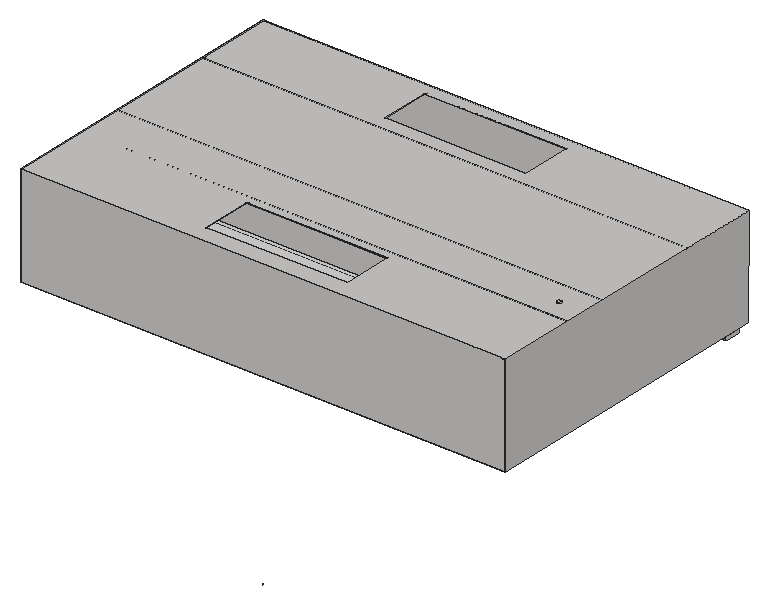
Revit family "QF_ELECTROLUXPROFESSIONAL_641260_STPF1524", category Specialty Equipment, Revit 2014
Reference planes
  plane 1: z = 0
  plane 2 "Center (Left/Right)": x = 150
  plane 3 "LEFT": x = -1050
  plane 4 "RIGHT": x = 1350
  plane 5 "BACK": y = 550
  plane 6 "TOP": z = 2500
  plane 7 "Base": z = 2000
  plane 8: z = 1955
  plane 9 "DrainY": y = 490
  plane 10: x = -1047
  plane 11 "DrainX": x = 1230
  plane 12 "AOLeft2": x = 500
  plane 13: x = 1347
  plane 14: x = -850
  plane 15: x = 1150
  plane 16 "Center (Front/Back)": y = -100
  plane 17 "Front": y = -950
  plane 18 "AOLeft1": x = -200
  plane 19: y = -864
  plane 20: y = -614
  plane 21: y = 240
  plane 22: y = 490
  plane 23 "EI_y": y = -470
  plane 24 "EIx": x = 1230
Forms (mm)
  Extrusion 1, solid, material "QF_Finishes_Stainless Steel"
    sketch origin (-1050, 0, 360) x (0, 1, 0) y (0, 0, 1)
      loop
        line (550, 1640) -> (550, 2140) -> (-950, 2140) -> (-950, 1640) -> (550, 1640)
    from 0 to 3
  Extrusion 2, solid, material "QF_Finishes_Stainless Steel"
    sketch origin (1350, 0, 360) x (0, 1, 0) y (0, 0, 1)
      loop
        line (550, 1640) -> (550, 2140) -> (-950, 2140) -> (-950, 1640) -> (550, 1640)
    from 0 to -3
  Extrusion 3, solid, material "QF_Finishes_Stainless Steel"
    sketch origin (150, 0, 360) x (0, 1, 0) y (0, 0, 1)
      loop
        line (-950, 2140) -> (-950, 1640) -> (-940, 1640) -> (-940, 1640.8) -> (-949.2, 1640.8) -> (-949.2, 2139.19) -> (549.2, 2139.19) -> (549.2, 1640.8) -> (540, 1640.8) -> (540, 1640) -> (550, 1640) -> (550, 2140) -> (-950, 2140)
    from -1200 to 1200
  Extrusion 4, solid, material "QF_Finishes_Stainless Steel"
    sketch origin (0, 0, 2000) x (0, 1, 0) y (-1, 0, 0)
      loop
        circle (490, -1230) r 4.763
    from -30 to 0
  Extrusion 5, void
    sketch origin (0, 0, 2500) x (0, 1, 0) y (-1, 0, 0)
      loop
        line (-614, -500) -> (-614, 200) -> (-864, 200) -> (-864, -500) -> (-614, -500)
    from 0 to -10
  Extrusion 6, solid, material "QF_Finishes_Stainless Steel"
    sketch origin (0, 0, 0) x (1, 0, 0) y (0, 1, 0)
      loop
        line (-1050, 550) -> (-1050, 549) -> (-1049, 549) -> (-1049, 550) -> (-1050, 550)
    from 0 to 1
  Extrusion 7, solid, material "QF_LAMPS"
    sketch origin (150, 0, 360) x (0, 1, 0) y (0, 0, 1)
      loop
        line (-572.823, 1962.324) -> (-418.948, 2086.929) -> (-427.129, 2097.032) -> (-581.003, 1972.426) -> (-572.823, 1962.324)
    from 1197 to -1197
  Sweep 8, solid, material "QF_Finishes_Stainless Steel"
    path origin (0, 0, 0) x (1, 0, 0) y (0, 1, 0)
      loop
        line (1350, 550) -> (-1050, 550) -> (-1050, -950) -> (1350, -950) -> (1350, 550)
    profile origin (1350, -200, 0) x (1, 0, 0) y (0, 0, 1)
      loop
        line (-3, 2000) -> (-3, 2000.8) -> (-19, 2000.8) -> (-19, 2010) -> (-20, 2010) -> (-20, 2000) -> (-3, 2000)
  Extrusion 9, solid, material "QF_Finishes_Stainless Steel"
    sketch origin (150, 0, 0) x (0, 1, 0) y (0, 0, 1)
      loop
        line (414.66, 2095.469) -> (440.643, 2110.471) -> (261.744, 2411.771) -> (235.948, 2396.455) -> (414.66, 2095.469)
    from -1197 to -1000
  Extrusion 10, solid, material "QF_Finishes_Stainless Steel"
    sketch origin (1230, 0, 0) x (0, 1, 0) y (0, 0, 1)
      loop
        line (539, 2000) -> (441, 2000) -> (441, 1989) -> (448.5, 1989) -> (448.5, 1965)
        arc (448.5, 1965) -> (451.429, 1957.929) -> (458.5, 1955) r 10
        line (458.5, 1955) -> (521.5, 1955)
        arc (521.5, 1955) -> (528.571, 1957.929) -> (531.5, 1965) r 10
        line (531.5, 1965) -> (531.5, 1989) -> (539, 1989) -> (539, 2000)
    from 90 to -90
  Extrusion 11, solid, material "QF_Finishes_Stainless Steel"
    sketch origin (150, 0, 0) x (0, 1, 0) y (0, 0, 1)
      loop
        line (414.66, 2095.469) -> (440.643, 2110.471) -> (261.744, 2411.771) -> (235.948, 2396.455) -> (414.66, 2095.469)
    from 1000 to 1197
  Extrusion 12, solid, material "QF_Finished_Chrome"
    sketch origin (150, 0, 0) x (0, 1, 0) y (0, 0, 1)
      loop
        line (414.66, 2095.469) -> (440.643, 2110.471) -> (261.744, 2411.771) -> (235.948, 2396.455) -> (414.66, 2095.469)
    from -1000 to 1000
  Extrusion 13, void
    sketch origin (0, 1180, 2500) x (0, 1, 0) y (-1, 0, 0)
      loop
        line (-690, -500) -> (-690, 200) -> (-940, 200) -> (-940, -500) -> (-690, -500)
    from 0 to -10
  Extrusion 14, solid, material "QF_Finishes_Stainless Steel"
    sketch origin (0, 0, 2500) x (0, 1, 0) y (-1, 0, 0)
      loop
        circle (-470, -1230) r 10
    from 0 to 1.6
  Extrusion 15, solid, material "QF_Finishes_Stainless Steel"
    sketch origin (150, 0, 360) x (0, 1, 0) y (0, 0, 1)
      loop
        line (430.005, 1640) -> (540, 1640) -> (540, 1640.8) -> (430.467, 1640.8) -> (371.906, 1742.23) -> (414.858, 1734.657) -> (442.266, 1750.481) -> (442.266, 1765.943) -> (441.466, 1765.943) -> (441.466, 1750.943) -> (414.709, 1735.495) -> (321.153, 1751.991) -> (320.875, 1750.416) -> (371.4, 1741.507) -> (430.005, 1640)
      loop
        line (172.529, 2139.19) -> (242.893, 2017.316) -> (245.133, 2018.715) -> (240.13, 2027.381) -> (238.569, 2026.405) -> (173.453, 2139.19) -> (172.529, 2139.19)
    from -1197 to 1197
  Extrusion 16, solid, material "QF_Finishes_Stainless Steel"
    sketch origin (150, 200.8, 360) x (0, 1, 0) y (0, 0, 1)
      loop
        line (-1150, 2139.19) -> (-1150, 1640) -> (-1086.602, 1640) -> (-999.146, 1690.493) -> (-1010.058, 1709.394) -> (-1066.564, 1676.77) -> (-1114.704, 1680.982) -> (-1149.2, 1730.248) -> (-1149.2, 2139.19) -> (-1150, 2139.19)
      loop
        line (-773.6, 1961.694) -> (-781.937, 1971.99) -> (-769.095, 1982.182) -> (-769.095, 2139.19) -> (-769.895, 2139.19) -> (-769.895, 1982.569) -> (-1082.298, 1734.63) -> (-1071.091, 1720.79) -> (-773.6, 1961.694)
      loop
        line (-627.61, 2099.216) -> (-618.171, 2087.559) -> (-554.411, 2139.19) -> (-555.682, 2139.19) -> (-618.052, 2088.684) -> (-626.989, 2099.719) -> (-627.61, 2099.216)
    from -1197 to 1197
  Extrusion 17, solid, material "QF_Finishes_Stainless Steel"
    sketch origin (0, 0, 2500) x (0, 1, 0) y (-1, 0, 0)
      loop
        circle (-470, -1230) r 10
    from 0 to 1.6
Cuts and joins
  Extrusion 5, Extrusion 13 cuts Extrusion 3
  joined: Extrusion 2, Extrusion 3, Sweep 8
Lines and regions (mm)
  symbolic lines, style "SpecialityEquipment", detail levels coarse
    curve 1: line (1350, 550, 2500) -> (-1050, 550, 2500)
    curve 2: line (-1050, 550, 2500) -> (-1050, -950, 2500)
    curve 3: line (1350, -950, 2500) -> (1350, 550, 2500)
    curve 4: line (-1050, 550, 0) -> (1350, -950, 0)
    curve 5: line (1350, 550, 0) -> (-1050, -950, 0)
    curve 6: line (-1050, -950, 0) -> (1350, -950, 0)
  symbolic lines, detail levels coarse
    curve 7: line (-200, 240, 2500) -> (500, 240, 2500)
    curve 8: line (-200, 490, 2500) -> (-200, 240, 2500)
    curve 9: line (500, 490, 2500) -> (-200, 490, 2500)
    curve 10: line (500, 240, 2500) -> (500, 490, 2500)
    curve 11: line (-200, -614, 2500) -> (500, -614, 2500)
    curve 12: line (-200, -864, 2500) -> (-200, -614, 2500)
    curve 13: line (500, -864, 2500) -> (-200, -864, 2500)
    curve 14: line (500, -614, 2500) -> (500, -864, 2500)
Dimensions and locks
  plane 3 "LEFT" to plane 4 "RIGHT" = 2400 mm
  equal spacing: plane 3 "LEFT", plane 2 "Center (Left/Right)", plane 4 "RIGHT"
  plane 7 "Base" to plane 8 = 45 mm
  plane 5 "BACK" to plane 9 "DrainY" = 60 mm  (x2)
  plane 3 "LEFT" to plane 10 = 3 mm
  plane 11 "DrainX" to plane 4 "RIGHT" = 120 mm
  plane 13 to plane 4 "RIGHT" = 3 mm
  plane 3 "LEFT" to plane 14 = 200 mm
  plane 15 to plane 4 "RIGHT" = 200 mm
  locked: plane 7 "Base" to level at 2000
  locked: plane 6 "TOP" to plane 7 "Base" at 500
  locked: plane 18 "AOLeft1" to plane 12 "AOLeft2" at 700
  locked: plane 20 to plane 19 at 250
  locked: plane 19 to plane 17 "Front" at 86
  locked: plane 22 to plane 21 at 250
  locked: plane 5 "BACK" to plane 22 at 60
  locked: plane 23 "EI_y" to plane 17 "Front" at 480
  locked: plane 24 "EIx" to plane 4 "RIGHT" at 120
  locked: plane 5 "BACK" to plane 17 "Front" at 1500
  plane 5 "BACK" to plane 17 "Front" = 1500 mm
  equal spacing: plane 18 "AOLeft1", plane 2 "Center (Left/Right)", plane 12 "AOLeft2"
  aligned and locked: level to plane 1
  aligned and locked: plane 4 "RIGHT" to Extrusion 3
  aligned and locked: Extrusion 3 to plane 3 "LEFT"
  aligned and locked: Extrusion 2 to plane 13
  aligned and locked: Extrusion 9 to plane 10
  aligned and locked: Extrusion 5 to plane 18 "AOLeft1"
  aligned and locked: Extrusion 5 to plane 12 "AOLeft2"
  aligned and locked: plane 14 to Extrusion 9
  aligned and locked: plane 15 to Extrusion 11
  aligned and locked: plane 13 to Extrusion 11
  aligned and locked: Extrusion 12 to plane 14
  aligned and locked: Extrusion 12 to plane 15
  aligned and locked: plane 13 to Extrusion 7
  aligned and locked: Extrusion 7 to plane 10
  aligned and locked: Extrusion 13 to plane 21
  aligned and locked: plane 22 to Extrusion 13
  aligned and locked: Extrusion 13 to plane 18 "AOLeft1"
  aligned and locked: Extrusion 13 to plane 12 "AOLeft2"
  aligned and locked: Extrusion 15 to plane 10
  aligned and locked: plane 13 to Extrusion 15
  aligned and locked: Extrusion 5 to plane 19
  aligned and locked: plane 20 to Extrusion 5
  aligned and locked: Extrusion 16 to plane 10
  aligned and locked: plane 13 to Extrusion 16
Automatic sketch dimensions
  curve 6 to plane 3 "LEFT" = 0 mm
  curve 4 to plane 3 "LEFT" = 0 mm
  curve 5 to plane 4 "RIGHT" = 0 mm
  curve 6 to plane 4 "RIGHT" = 0 mm
  curve 4 to plane 17 "Front" = 0 mm
  curve 5 to plane 5 "BACK" = 0 mm
  curve 4 to plane 5 "BACK" = 0 mm
  Extrusion 1 sketch curve to plane 7 "Base" = 0 mm
  Extrusion 1 sketch curve to plane 17 "Front" = 0 mm
  Extrusion 1 sketch curve to plane 5 "BACK" = 0 mm
  Extrusion 1 sketch curve to plane 6 "TOP" = 0 mm
  Extrusion 2 sketch curve to plane 7 "Base" = 0 mm
  Extrusion 2 sketch curve to plane 17 "Front" = 0 mm
  Extrusion 2 sketch curve to plane 5 "BACK" = 0 mm
  Extrusion 2 sketch curve to plane 6 "TOP" = 0 mm
  Extrusion 3 sketch curve to plane 6 "TOP" = 0 mm
  Extrusion 3 sketch curve to plane 17 "Front" = 0 mm
  Extrusion 3 sketch curve to plane 7 "Base" = 0 mm  (x2)
  Extrusion 3 sketch curve to plane 5 "BACK" = 0 mm
  plane 17 "Front" to Extrusion 3 sketch curve = 0.8 mm
  Extrusion 3 sketch curve to Extrusion 3 sketch curve = 9.2 mm
  plane 7 "Base" to Extrusion 3 sketch curve = 0.8 mm  (x2)
  Extrusion 3 sketch curve to plane 5 "BACK" = 10 mm
  Extrusion 3 sketch curve to plane 5 "BACK" = 0.8 mm
  Extrusion 3 sketch curve to plane 6 "TOP" = 0.81 mm
  Extrusion 4 sketch curve to plane 9 "DrainY" = 0 mm
  Extrusion 4 sketch curve to plane 11 "DrainX" = 0 mm
  Extrusion 5 sketch curve to plane 12 "AOLeft2" = 0 mm
  Extrusion 5 sketch curve to plane 19 = 0 mm
  Extrusion 5 sketch curve to plane 20 = 0 mm
  Extrusion 5 sketch curve to plane 18 "AOLeft1" = 0 mm
  Extrusion 6 sketch curve to plane 3 "LEFT" = 0 mm
  Extrusion 6 sketch curve to plane 5 "BACK" = 0 mm
  plane 3 "LEFT" to Extrusion 6 sketch curve = 1 mm
  Extrusion 6 sketch curve to Extrusion 6 sketch curve = 1 mm
  plane 20 to Extrusion 7 sketch curve = 32.997 mm
  Extrusion 7 sketch curve to Extrusion 7 sketch curve = 8.181 mm  (x2)
  plane 23 "EI_y" to Extrusion 7 sketch curve = 42.871 mm
  Extrusion 7 sketch curve to plane 6 "TOP" = 177.676 mm
  Extrusion 7 sketch curve to Extrusion 7 sketch curve = 10.102 mm
  Extrusion 7 sketch curve to plane 6 "TOP" = 53.071 mm
  Extrusion 7 sketch curve to Extrusion 7 sketch curve = 10.103 mm
  Sweep 8 sketch curve to plane 3 "LEFT" = 0 mm
  Sweep 8 sketch curve to plane 4 "RIGHT" = 0 mm
  Sweep 8 sketch curve to plane 17 "Front" = 0 mm
  Sweep 8 sketch curve to plane 5 "BACK" = 0 mm
  profile plane to Sweep 8 sketch curve = 20 mm
  Sweep 8 sketch curve to Sweep 8 sketch curve = 1 mm
  profile plane to Sweep 8 sketch curve = 3 mm
  level to Sweep 8 sketch curve = 2000 mm
  Sweep 8 sketch curve to Sweep 8 sketch curve = 0.8 mm
  Sweep 8 sketch curve to Sweep 8 sketch curve = 9.2 mm
  Extrusion 9 sketch curve to plane 21 = 4.052 mm
  plane 21 to Extrusion 9 sketch curve = 21.744 mm
  Extrusion 9 sketch curve to plane 9 "DrainY" = 75.34 mm
  Extrusion 9 sketch curve to Extrusion 9 sketch curve = 25.983 mm
  plane 7 "Base" to Extrusion 9 sketch curve = 95.469 mm
  Extrusion 9 sketch curve to Extrusion 9 sketch curve = 15.001 mm
  Extrusion 9 sketch curve to plane 6 "TOP" = 103.545 mm
  Extrusion 9 sketch curve to Extrusion 9 sketch curve = 15.316 mm
  Extrusion 10 sketch curve to plane 8 = 0 mm
  Extrusion 10 sketch curve to plane 7 "Base" = 11 mm  (x2)
  Extrusion 10 sketch curve to plane 9 "DrainY" = 49 mm
  Extrusion 10 sketch curve to Extrusion 10 sketch curve = 7.5 mm  (x2)
  Extrusion 10 sketch curve to Extrusion 10 sketch curve = 10 mm
  Extrusion 10 sketch curve to plane 5 "BACK" = 28.5 mm
  Extrusion 10 sketch curve to plane 5 "BACK" = 18.5 mm
  plane 7 "Base" to Extrusion 10 sketch curve = 0 mm
  Extrusion 11 sketch curve to plane 21 = 4.052 mm
  plane 21 to Extrusion 11 sketch curve = 21.744 mm
  Extrusion 11 sketch curve to plane 9 "DrainY" = 75.34 mm
  Extrusion 11 sketch curve to Extrusion 11 sketch curve = 25.983 mm
  plane 7 "Base" to Extrusion 11 sketch curve = 95.469 mm
  Extrusion 11 sketch curve to Extrusion 11 sketch curve = 15.001 mm
  Extrusion 11 sketch curve to plane 6 "TOP" = 103.545 mm
  Extrusion 11 sketch curve to Extrusion 11 sketch curve = 15.316 mm
  Extrusion 12 sketch curve to plane 21 = 4.052 mm
  plane 21 to Extrusion 12 sketch curve = 21.744 mm
  Extrusion 12 sketch curve to plane 9 "DrainY" = 75.34 mm
  Extrusion 12 sketch curve to Extrusion 12 sketch curve = 25.983 mm
  plane 7 "Base" to Extrusion 12 sketch curve = 95.469 mm
  Extrusion 12 sketch curve to Extrusion 12 sketch curve = 15.001 mm
  Extrusion 12 sketch curve to plane 6 "TOP" = 103.545 mm
  Extrusion 12 sketch curve to Extrusion 12 sketch curve = 15.316 mm
  Extrusion 13 sketch curve to plane 12 "AOLeft2" = 0 mm
  Extrusion 13 sketch curve to plane 21 = 0 mm
  Extrusion 13 sketch curve to plane 9 "DrainY" = 0 mm
  Extrusion 13 sketch curve to plane 18 "AOLeft1" = 0 mm
  Extrusion 14 sketch curve to plane 23 "EI_y" = 0 mm
  Extrusion 14 sketch curve to plane 24 "EIx" = 0 mm
  Extrusion 15 sketch curve to plane 7 "Base" = 0 mm
  Extrusion 15 sketch curve to plane 6 "TOP" = 0.81 mm
  Extrusion 15 sketch curve to plane 21 = 67.471 mm
  Extrusion 15 sketch curve to Extrusion 15 sketch curve = 0.924 mm
  Extrusion 15 sketch curve to plane 21 = 1.431 mm
  plane 21 to Extrusion 15 sketch curve = 0.13 mm
  plane 21 to Extrusion 15 sketch curve = 2.893 mm
  Extrusion 15 sketch curve to Extrusion 15 sketch curve = 2.24 mm
  plane 21 to Extrusion 15 sketch curve = 80.875 mm
  Extrusion 15 sketch curve to Extrusion 15 sketch curve = 0.278 mm
  Extrusion 15 sketch curve to Extrusion 15 sketch curve = 50.525 mm
  Extrusion 15 sketch curve to Extrusion 15 sketch curve = 0.506 mm
  Extrusion 15 sketch curve to Extrusion 15 sketch curve = 42.803 mm
  Extrusion 15 sketch curve to Extrusion 15 sketch curve = 0.148 mm
  Extrusion 15 sketch curve to plane 9 "DrainY" = 59.995 mm
  plane 7 "Base" to Extrusion 15 sketch curve = 0.8 mm
  Extrusion 15 sketch curve to Extrusion 15 sketch curve = 0.462 mm  (x2)
  Extrusion 15 sketch curve to Extrusion 15 sketch curve = 109.533 mm
  Extrusion 15 sketch curve to Extrusion 15 sketch curve = 26.757 mm
  Extrusion 15 sketch curve to Extrusion 15 sketch curve = 0.8 mm
  plane 7 "Base" to Extrusion 15 sketch curve = 94.657 mm
  Extrusion 15 sketch curve to Extrusion 15 sketch curve = 0.838 mm
  Extrusion 15 sketch curve to Extrusion 15 sketch curve = 6.012 mm
  Extrusion 15 sketch curve to Extrusion 15 sketch curve = 0.723 mm
  Extrusion 15 sketch curve to Extrusion 15 sketch curve = 14.986 mm
  Extrusion 15 sketch curve to Extrusion 15 sketch curve = 15 mm
  Extrusion 15 sketch curve to plane 6 "TOP" = 122.684 mm
  Extrusion 15 sketch curve to Extrusion 15 sketch curve = 1.399 mm
  Extrusion 15 sketch curve to Extrusion 15 sketch curve = 9.089 mm
  Extrusion 15 sketch curve to Extrusion 15 sketch curve = 0.975 mm
  Extrusion 16 sketch curve to plane 7 "Base" = 0 mm
  plane 17 "Front" to Extrusion 16 sketch curve = 0.8 mm
  Extrusion 16 sketch curve to Extrusion 16 sketch curve = 0.8 mm  (x2)
  plane 17 "Front" to Extrusion 16 sketch curve = 36.096 mm
  Extrusion 16 sketch curve to plane 19 = 21.802 mm
  Extrusion 16 sketch curve to plane 19 = 17.498 mm
  Extrusion 16 sketch curve to plane 19 = 6.291 mm
  Extrusion 16 sketch curve to plane 19 = 1.764 mm
  plane 19 to Extrusion 16 sketch curve = 54.742 mm
  Extrusion 16 sketch curve to Extrusion 16 sketch curve = 10.912 mm
  plane 20 to Extrusion 16 sketch curve = 32.863 mm
  Extrusion 16 sketch curve to Extrusion 16 sketch curve = 8.337 mm
  Extrusion 16 sketch curve to Extrusion 16 sketch curve = 12.042 mm
  plane 23 "EI_y" to Extrusion 16 sketch curve = 43.19 mm
  Extrusion 16 sketch curve to Extrusion 16 sketch curve = 0.622 mm
  Extrusion 16 sketch curve to Extrusion 16 sketch curve = 9.44 mm
  Extrusion 16 sketch curve to Extrusion 16 sketch curve = 0.118 mm
  Extrusion 16 sketch curve to plane 6 "TOP" = 0.81 mm  (x3)
  Extrusion 16 sketch curve to Extrusion 16 sketch curve = 62.37 mm
  Extrusion 16 sketch curve to Extrusion 16 sketch curve = 1.271 mm
  plane 7 "Base" to Extrusion 16 sketch curve = 36.77 mm
  plane 7 "Base" to Extrusion 16 sketch curve = 40.982 mm
  plane 7 "Base" to Extrusion 16 sketch curve = 50.493 mm
  Extrusion 16 sketch curve to Extrusion 16 sketch curve = 18.901 mm
  Extrusion 16 sketch curve to Extrusion 16 sketch curve = 44.02 mm
  Extrusion 16 sketch curve to Extrusion 16 sketch curve = 49.266 mm
  Extrusion 16 sketch curve to Extrusion 16 sketch curve = 13.84 mm
  Extrusion 16 sketch curve to plane 6 "TOP" = 178.306 mm
  Extrusion 16 sketch curve to Extrusion 16 sketch curve = 10.296 mm
  Extrusion 16 sketch curve to Extrusion 16 sketch curve = 10.192 mm
  Extrusion 16 sketch curve to Extrusion 16 sketch curve = 0.386 mm
  Extrusion 16 sketch curve to plane 6 "TOP" = 52.441 mm
  Extrusion 16 sketch curve to Extrusion 16 sketch curve = 1.125 mm
  Extrusion 17 sketch curve to plane 23 "EI_y" = 0 mm
  Extrusion 17 sketch curve to plane 24 "EIx" = 0 mm
  curve 2 to plane 3 "LEFT" = 0 mm
  curve 2 to plane 17 "Front" = 0 mm
  curve 3 to plane 4 "RIGHT" = 0 mm
  curve 3 to plane 17 "Front" = 0 mm
  curve 13 to plane 18 "AOLeft1" = 0 mm
  curve 13 to plane 19 = 0 mm
  curve 14 to plane 12 "AOLeft2" = 0 mm
  curve 14 to plane 20 = 0 mm
  curve 7 to plane 18 "AOLeft1" = 0 mm
  curve 7 to plane 21 = 0 mm
  curve 8 to plane 9 "DrainY" = 0 mm
  curve 2 to plane 5 "BACK" = 0 mm
  curve 10 to plane 12 "AOLeft2" = 0 mm
  radius of Extrusion 4 sketch curve = 4.763 mm
  radius of Extrusion 14 sketch curve = 10 mm
  radius of Extrusion 17 sketch curve = 10 mm
Connectors
  piping at (1230, 490, 1970), diameter 9.5
    settings: on Extrusion 4, index 1, connector inside diameter 609.6 mm, connector length 0 mm, flow factor 0, pipe flow 0.0 L/s, pressure drop 0.0 Pa, fitting loss kfactor 0, connector angle 0.00°, fixture units 0, engagement length 0 mm, angle of deflection 0.00°, flow configuration 1, flow direction 2, fitting loss method 0, system type 16, joint type 0, gender type 0, connector reference index -1, connector utility 0, adjustable connector no, is connector primary yes, connector description "Drain"
  hvac at (150, -739, 2500)
    settings: on Extrusion 5, index 2, duct flow 0.0 L/s, flow factor 0, pres drop 0.0 Pa, loss coef 0, conn angle 0.00°, conn width 250 mm, conn height 700 mm, conn diameter 609.6 mm, duct sys type 1, conn prof type 1, flow config 1, flow direction 1, loss method 0, conn ref index -1, conn util no, is conn primary yes, conn desc "AIR INLET"
  hvac at (150, 365, 2500)
    settings: on Extrusion 13, index 4, duct flow 0.0 L/s, flow factor 0, pres drop 0.0 Pa, loss coef 0, conn angle 0.00°, conn width 250 mm, conn height 700 mm, conn diameter 609.6 mm, duct sys type 3, conn prof type 1, flow config 1, flow direction 2, loss method 0, conn ref index -1, conn util no, is conn primary no, conn desc "EXHAUST OUTLET"
  electrical at (1230, -470, 2501.6)
    settings: on Extrusion 14, index 6, voltage 0 V, apparent load 0 VA, apparent load phase1 0 VA, apparent load phase2 0 VA, apparent load phase3 0 VA, power factor 1, load classification "Other", number of poles 1, system type 30, power factor state 1, is connector primary yes, connector utility no, sub classification motor no, connector description "Electrical Connection"
  electrical at (1230, -470, 2501.6)
    settings: on Extrusion 17, index 12, voltage 0 V, apparent load 0 VA, apparent load phase1 0 VA, apparent load phase2 0 VA, apparent load phase3 0 VA, power factor 1, load classification "Other", number of poles 1, system type 30, power factor state 1, is connector primary no, connector utility no, sub classification motor no, connector description ""
